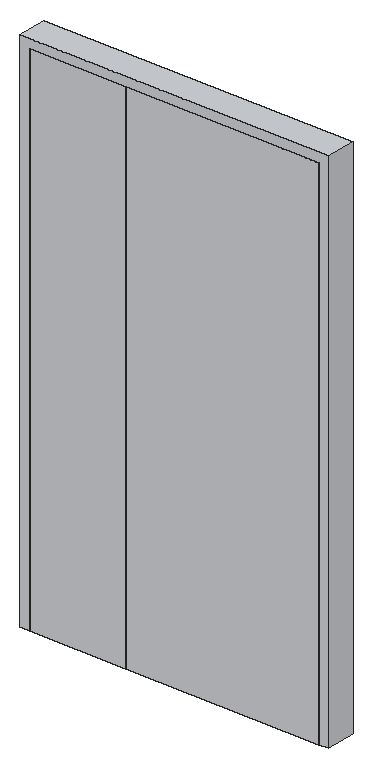
Revit family "DOOR_Asymmetric Double Flush Plain Panel", category Doors, host Wall, Revit 2024
Family settings
  Host = Wall
  Always vertical = Yes
  Cut with Voids When Loaded = No
  Shared = No
  Room Calculation Point = No
Parameters (values of type "1500mm x 2700mm (1000mm x 500mm)")
  Width_Large Leaf = 1000 mm
  Thickness_Jamb = 50 mm
  Thickness_Head = 50 mm
  Thickness = 45 mm
  Width_Small Leaf = 500 mm
  Single ADA Clearance Lines [instance] = yes
  Rough Width = Width  # 1500 mm
  Rough Height [instance] = Height  # 2700 mm
  Function = Interior
  EA_Repath [instance] = 0 mm
  Double Swing Option - Small Leaf [instance] = yes
  Double Swing Option - Large Leaf [instance] = yes
  Double ADA Clearance Lines [instance] = yes
  Door_$Panel_Material [instance] = none
  Door_$Leaf2_3DSwing_Angle [instance] = 0.00°
  Door_$Leaf2_2DSwing_Angle [instance] = 90.00°
  Door_$Leaf1_3DSwing_Angle [instance] = 0.00°
  Door_$Leaf1_2DSwing_Angle [instance] = 90.00°
  Door_$Frame_Material [instance] = none
  Description = ""
  Define Thermal Properties by = Schematic Type
  Assembly Code = "C1020"
  Height = 2700 mm
  Wall Closure = By host
  Width = Width_Large Leaf + Width_Small Leaf  # 1500 mm
  Analytic Construction = "<None>"
Types (3, lengths in mm): name | Width_Large Leaf | Rough Width | Rough Height | Height | Width
  1500mm x 2700mm (1000mm x 500mm) | 1000 | 1500 | 2700 | 2700 | 1500
  1700mm x 2400mm (1200mm x 500mm) | 1200 | 1700 | 2400 | 2400 | 1700
  1600mm x 2100mm (1100mm x 500mm) | 1100 | 1600 | 2100 | 2100 | 1600
Reference planes
  plane 1: y = 0
  plane 2: z = 0
  plane 3: x = -187.325
  plane 4: x = -687.325
  plane 5: x = 812.675
  plane 6: z = 2700
  plane 7: x = -737.325
  plane 8: x = 862.675
  plane 9: z = 2750
  plane 10: x = -642.325
  plane 11: x = 767.675
  plane 12: y = -1295.4
  plane 13: y = 1600.2
  plane 14: y = 76.2
  plane 15: y = -76.2
  plane 16: y = -1600.2
Forms (mm)
  Extrusion 1, solid, material <- "Door_$Frame_Material"
    sketch origin (0, 0, 0) x (0, 0, -1) y (1, 0, 0)
      loop
        line (0, -737.325) -> (0, -687.325) -> (-2700, -687.325) -> (-2700, 812.675) -> (0, 812.675) -> (0, 862.675) -> (-2750, 862.675) -> (-2750, -737.325) -> (0, -737.325)
    from -76.2 to 76.2
Lines and regions (mm)
  Opening 1
    outline origin (-1524, -76.2, 3657.6) x (0, 0, -1) y (1, 0, 0)
      loop
        line (907.6, 786.675) -> (3657.6, 786.675) -> (3657.6, 2386.675) -> (907.6, 2386.675) -> (907.6, 786.675)
  symbolic lines, style "Elevation Swing"
    curve 1: line (812.675, -76.2, 1354.936) -> (-184.069, -76.2, 0)
    curve 2: line (818.999, -76.2, 1350) -> (-190.5, -76.2, 2700)
    curve 3: line (-687.325, 76.2, 1350) -> (-184.069, 76.2, 2700)
    curve 4: line (-184.069, 76.2, 0) -> (-687.325, 76.2, 1350)
  symbolic lines, style "ADA Clearance Lines", visible <- "Single ADA Clearance Lines"
    curve 5: line (-642.325, 1600.2, 0) -> (767.675, 1600.2, 0)
    curve 6: line (-642.325, -1295.4, 0) -> (-642.325, 1600.2, 0)
    curve 7: line (767.675, -1295.4, 0) -> (-642.325, -1295.4, 0)
    curve 8: line (767.675, 1600.2, 0) -> (767.675, -1295.4, 0)
  model lines, style "Plan Swing"
    curve 9: line (-187.325, 76.2, 0) -> (-187.325, -76.2, 0)
  symbolic lines, style "ADA Clearance Lines", visible <- "Double ADA Clearance Lines"
    curve 10: line (-642.325, 1600.2, 0) -> (767.675, 1600.2, 0)
    curve 11: line (-642.325, -1600.2, 0) -> (-642.325, 1600.2, 0)
    curve 12: line (767.675, -1600.2, 0) -> (-642.325, -1600.2, 0)
    curve 13: line (767.675, 1600.2, 0) -> (767.675, -1600.2, 0)
Dimensions and locks
  plane 4 to plane 3 to plane 5 = 500 mm, 1000 mm
  "Width": plane 4 to plane 5
  "Height": plane 6 to plane 2
  "Thickness_Jamb": plane 5 to plane 8
  "Thickness_Jamb": plane 7 to plane 4
  "Thickness_Head": plane 9 to plane 6
  equal spacing: level, curve 2, plane 6
  equal spacing: level, curve 4, plane 6
  "Width_Small Leaf": plane 4 to plane 3
  plane 14 to plane 13 = 1524 mm
  plane 12 to plane 15 = 1219.2 mm
  plane 15 to plane 16 = 1524 mm
  "Thickness": plane 11 to plane 5
  "Thickness": plane 4 to plane 10
  aligned and locked: plane 8 to Opening 1 sketch curve
  aligned and locked: plane 7 to Opening 1 sketch curve
  aligned and locked: plane 9 to Opening 1 sketch curve
  aligned and locked: host wall to Extrusion 1  (x2)
  aligned and locked: Extrusion 1 to plane 4
  aligned and locked: Extrusion 1 to host wall  (x3)
  aligned and locked: plane 5 to Extrusion 1
  aligned and locked: curve 1 to Extrusion 1
  aligned and locked: nested 1 to plane 4
  aligned and locked: nested 2 to plane 5  (x2)
  aligned and locked: nested 1 to Extrusion 1
  aligned and locked: Extrusion 1 to nested 2
  aligned and locked: level to plane 2
  aligned and locked: host wall to nested 3
  aligned and locked: plane 4 to nested 3
  aligned and locked: nested 4 to host wall
  aligned and locked: plane 5 to nested 4  (x2)
  aligned and locked: plane 11 to nested 2
  aligned and locked: plane 15 to host wall
  aligned and locked: plane 14 to host wall
  aligned and locked: curve 6 to plane 10
  aligned and locked: plane 12 to curve 7
  aligned and locked: plane 14 to curve 9
  aligned and locked: plane 15 to curve 9
  aligned and locked: plane 16 to curve 12
  aligned and locked: curve 11 to plane 10
  aligned and locked: curve 10 to plane 13
  aligned and locked: curve 13 to plane 11
Automatic sketch dimensions
  Opening 1 sketch curve to level = 0 mm
  Extrusion 1 sketch curve to plane 9 = 0 mm
  plane 5 to Extrusion 1 sketch curve = 0 mm
  Extrusion 1 sketch curve to plane 6 = 0 mm
  Extrusion 1 sketch curve to level = 0 mm  (x2)
  Extrusion 1 sketch curve to plane 7 = 0 mm
  Extrusion 1 sketch curve to plane 4 = 0 mm
  Extrusion 1 sketch curve to plane 8 = 0 mm
  curve 3 to plane 6 = 0 mm
  curve 2 to plane 6 = 0 mm
  curve 4 to level = 0 mm
  curve 1 to level = 0 mm
  curve 2 to plane 5 = 6.324 mm
  curve 1 to curve 2 = 4.936 mm
  curve 4 to plane 4 = 0 mm
  curve 2 to plane 3 = 3.175 mm
  plane 3 to curve 1 = 3.256 mm
  plane 3 to curve 3 = 3.256 mm
  curve 4 to curve 1 = 0 mm
  curve 9 to plane 3 = 0 mm
Nested families
  nested 1: "Door_Panel_Adjustable" at (-687.325, 76.2, 0), Panel Width <- "Width_Small Leaf", Panel Thickness <- "Thickness", Panel Material <- "Door_$Panel_Material", Panel Height <- "Height", Plan Swing Angle <- "Door_$Leaf2_2DSwing_Angle", Opening Angle <- "Door_$Leaf2_3DSwing_Angle", type "Small Panel"
    with Plan Swing Angle 90.00°, Panel Width 500 mm, Panel Thickness 45 mm, Panel Material none, Panel Height 2700 mm, Opening Angle 0.00°
  nested 2: "Door_Panel_Adjustable" at (812.675, 76.2, 0) x (-1, 0, 0) z (0, 0, 1), Panel Material <- "Door_$Panel_Material", Panel Height <- "Height", Panel Thickness <- "Thickness", Opening Angle <- "Door_$Leaf1_3DSwing_Angle", Plan Swing Angle <- "Door_$Leaf1_2DSwing_Angle", Panel Width <- "Width_Large Leaf", type "Main Panel"
    with Plan Swing Angle 90.00°, Panel Width 1000 mm, Panel Thickness 45 mm, Panel Material none, Panel Height 2700 mm, Opening Angle 0.00°
  nested 3: "Door_Panel_Adjustable" at (-687.325, -76.2, 0), Panel Width <- "Width_Small Leaf", Panel Thickness <- "Thickness", Panel Material <- "Door_$Panel_Material", Panel Height <- "Height", Plan Swing Angle <- "Door_$Leaf2_2DSwing_Angle", Opening Angle <- "Door_$Leaf2_3DSwing_Angle", visible <- "Double Swing Option - Small Leaf", type "Small Panel"
    with Plan Swing Angle 90.00°, Panel Width 500 mm, Panel Thickness 45 mm, Panel Material none, Panel Height 2700 mm, Opening Angle 0.00°
  nested 4: "Door_Panel_Adjustable" at (812.675, -76.2, 0) x (-1, 0, 0) z (0, 0, 1), Panel Material <- "Door_$Panel_Material", Panel Height <- "Height", Panel Thickness <- "Thickness", Opening Angle <- "Door_$Leaf1_3DSwing_Angle", Plan Swing Angle <- "Door_$Leaf1_2DSwing_Angle", Panel Width <- "Width_Large Leaf", visible <- "Double Swing Option - Large Leaf", type "Main Panel"
    with Plan Swing Angle 90.00°, Panel Width 1000 mm, Panel Thickness 45 mm, Panel Material none, Panel Height 2700 mm, Opening Angle 0.00°
Definition of nested family "Door_Panel_Adjustable"
  Parameters
    Plan Swing Angle [instance] = 120.00°
    Panel Width [instance] = 914.4 mm
    Panel Thickness [instance] = 50.8 mm
    Panel Material [instance] = none
    Panel Height [instance] = 2133.6 mm
    Opening Angle [instance] = 45.00°
    Default Elevation = 1219.2 mm
    Assembly Code = ""
  Reference planes
    plane 1 "Center (Front/Back)": y = 0
    plane 2: z = 0
    plane 3 "Center (Left/Right)": x = 0
  Forms (mm)
    Extrusion 1, solid, material <- "Panel Material"
      sketch origin (0, 0, 0) x (0.707107, 0.707107, 0) y (0, 0, 1)
        loop
          line (0, 0) -> (914.4, 0) -> (914.4, 2133.6) -> (0, 2133.6) -> (0, 0)
      from 0 to 50.8 <- "Panel Thickness"
  Lines and regions (mm)
    reference lines
      curve 1: line (0, 0, 0) -> (646.578, 646.578, 0)
  Dimensions and locks
    "Panel Width": curve 1 to curve 1
    "Panel Width": Extrusion 1 sketch curve to Extrusion 1 sketch curve
    "Panel Height": Extrusion 1 sketch curve to Extrusion 1 sketch curve
    "Opening Angle": angle plane 1 "Center (Front/Back)" to curve 1
    aligned and locked: plane 3 "Center (Left/Right)" to curve 1
    aligned and locked: plane 3 "Center (Left/Right)" to nested 1
    aligned and locked: plane 1 "Center (Front/Back)" to nested 1
  Automatic sketch dimensions
    curve 1 to plane 1 "Center (Front/Back)" = 0 mm
    Extrusion 1 sketch curve to curve 1 = 0 mm  (x2)
  Nested families
    nested 1: "Door_Panel_Linework" at (0, 0, 0), type "door panel swing"
      with Panel Thickness 50.8 mm
  Definition of nested family "Door_Panel_Linework"
    Parameters
      Panel Thickness = 44.45 mm
      Panel Swing = 120.00°
      Panel Length = 914.4 mm
      Default Elevation = 1219.2 mm
      Assembly Code = ""
    Reference planes
      plane 1 "Center (Front/Back)": y = 0
      plane 2: z = 0
      plane 3 "Center (Left/Right)": x = 0
    Lines and regions (mm)
      symbolic lines
        curve 1: line (0, 0, 0) -> (-457.2, 791.894, 0)
        curve 2: line (-457.2, 791.894, 0) -> (-418.705, 814.119, 0)
        curve 3: line (0, 0, 0) -> (38.495, 22.225, 0)
        curve 4: line (38.495, 22.225, 0) -> (-418.705, 814.119, 0)
        curve 5: arc (-457.2, 791.894, 0) -> (458.618, 791.073, 0) -> (914.394, -3.277, 0) r 914.4
    Dimensions and locks
      "Panel Thickness": curve 4 to curve 1
      "Panel Length": curve 3 to curve 2
      locked: curve 5 to plane 1 "Center (Front/Back)" at 3.277
      "Panel Swing": angle plane 1 "Center (Front/Back)" to curve 1
    Automatic sketch dimensions
      curve 5 to plane 1 "Center (Front/Back)" = 0 mm
      curve 5 to plane 3 "Center (Left/Right)" = 0 mm
      curve 3 to plane 1 "Center (Front/Back)" = 0 mm
      curve 3 to plane 3 "Center (Left/Right)" = 0 mm
